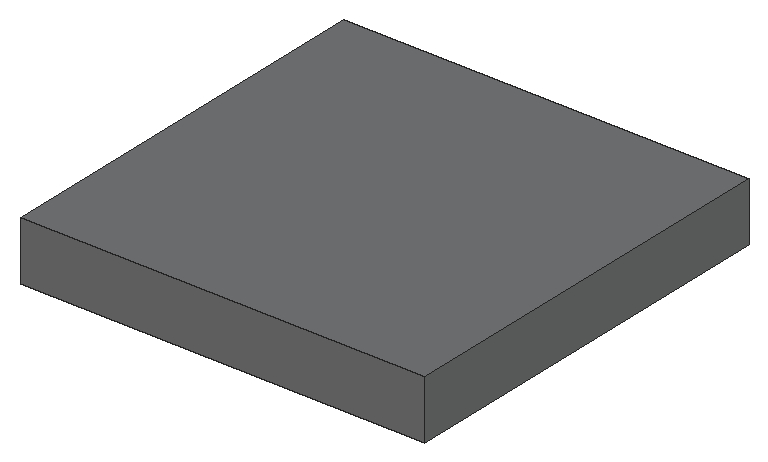
Revit family "Gira_027627", category Electrical Fixtures, host Face, Revit 2017
Family settings
  Host = Face
  Maintain Annotation Orientation = No
  Round Connector Dimension = Use Diameter
  Part Type = Normal
  Cut with Voids When Loaded = No
  Shared = No
  Room Calculation Point = No
Parameters (values of type "Cov. TAE USB System 55 p.white m")
  URL = "http://katalog.gira.de/en/datenblatt.html?artikelnr=027627"
  Transparent = "No"
  Name = "Cov. TAE USB System 55 p.white m"
  Manufacturer URL = "https://www.gira.de/"
  Manufacturer = "Gira"
  Keynote = ""
  HeinzeBIM = "https://bimportal.heinze.de/bim/cov-tae-usb-system-55-p-white-m/c82af6fe966e14165234365c714e46f579d6425e"
  HAN = "027627"
  GTIN = "4010337276272"
  Description = "Cov.TAE USB Sys55 PWm,Cover for USB data interface,,pure white matt,Notes :,- Suitable for USB power supply.,- Suitable for USB data interface."
  Default Elevation = 1219.2 mm
  Data sheet (1) = "https://katalog.gira.de/en/download.html?artikelnr=027627"
  Category = "Insert/cover for communication technology"
  BIM (1) = "https://media.stage.bim.site/public/gira/36a6b08/Sys55_Abdeckung_Schalten und Tasten.rfa?public/gira/36a6b08/Sys55_Abdeckung_Schalten und Tasten.rfa"
  Available = "No"
  Anthrazit [instance] = Anthrazit
Reference planes
  plane 1 "Center (Front/Back)": y = 0
  plane 2: z = 0
  plane 3 "Center (Left/Right)": x = 0
Forms (mm)
  Extrusion 1, solid, material "Anthrazit" <- "Anthrazit", detail levels fine
    sketch origin (0, 0, 0) x (1, 0, 0) y (0, 1, 0)
      loop
        line (-27.5, 27.5) -> (-27.5, -27.5) -> (27.5, -27.5) -> (27.5, 27.5) -> (-27.5, 27.5)
    from 0 to 8
  Extrusion 2, void
    sketch origin (0, 0, 0) x (1, 0, 0) y (0, 1, 0)
      loop
        line (26, 26) -> (-26, 26) -> (-26, -26) -> (26, -26) -> (26, 26)
    from 0 to 6
  Extrusion 3, solid, material "Anthrazit" <- "Anthrazit", detail levels medium
    sketch origin (0, 0, 0) x (1, 0, 0) y (0, 1, 0)
      loop
        line (-27.5, 27.5) -> (-27.5, -27.5) -> (27.5, -27.5) -> (27.5, 27.5) -> (-27.5, 27.5)
    from 0 to 8
  Extrusion 4, solid, material "Anthrazit" <- "Anthrazit", detail levels medium
    sketch origin (0, 0, 0) x (1, 0, 0) y (0, 1, 0)
      loop
        line (11, -17.5) -> (11, 17.5) -> (-11, 17.5) -> (-11, -17.5) -> (11, -17.5)
    from -6 to 6
  Extrusion 5, solid, material "Anthrazit" <- "Anthrazit", detail levels fine
    sketch origin (0, 0, 0) x (1, 0, 0) y (0, 1, 0)
      loop
        line (11, 17.5) -> (-11, 17.5) -> (-11, 16.5) -> (11, 16.5) -> (11, 17.5)
      loop
        line (-11, -16.5) -> (-11, -17.5) -> (11, -17.5) -> (11, -16.5) -> (-11, -16.5)
    from -4 to 6
  Extrusion 6, solid, material "Anthrazit" <- "Anthrazit", detail levels fine
    sketch origin (0, 0, 0) x (1, 0, 0) y (0, 1, 0)
      loop
        arc (5, 9.347) -> (0, 10.6) -> (-5, 9.347) r 10.6
        line (-5, 9.347) -> (-5, -9.347)
        arc (-5, -9.347) -> (0, -10.6) -> (5, -9.347) r 10.6
        line (5, -9.347) -> (5, 9.347)
    from -6 to 6
  Extrusion 7, solid, material "Anthrazit" <- "Anthrazit", detail levels coarse
    sketch origin (0, 0, 0) x (1, 0, 0) y (0, 1, 0)
      loop
        line (-27.5, 27.5) -> (-27.5, -27.5) -> (27.5, -27.5) -> (27.5, 27.5) -> (-27.5, 27.5)
    from -6 to 8
Cuts and joins
  Extrusion 2 cuts Extrusion 1
Dimensions and locks
  aligned and locked: plane 2 to host face
  aligned and locked: level to host face
